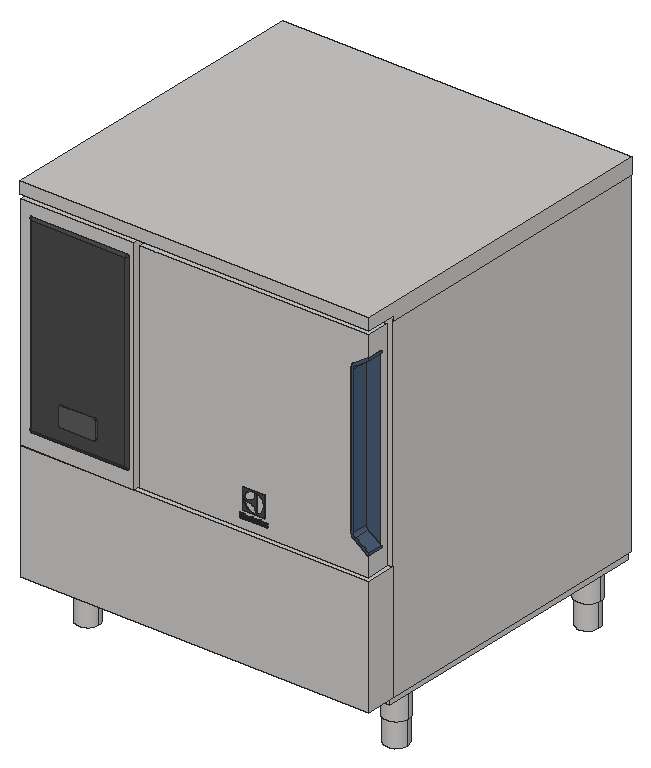
Revit family "QF_ELECTROLUXPROFESSIONAL_725583_EBFA61THE", category Specialty Equipment, Revit 2023
Family settings
  Round Connector Dimension = Use Diameter
  Part Type = Normal
  Work Plane-Based = No
  Enable Cutting in Views = No
  Always vertical = Yes
  Cut with Voids When Loaded = No
  Maintain Annotation Orientation = No
  Shared = No
  Room Calculation Point = No
Parameters
  Weight = 0.00 kg
  Watts = 0 W
  Volts = 380 V
  URL Manufacturer = "http://professional.electrolux.com"
  URL = "http://professional.electrolux.com"
  Steam Supply Size = 0 mm
  Steam Supply Minimum Pressure = 0.0 Pa
  Steam Supply Maximum Pressure = 0.0 Pa
  Steam Pounds per Hour = 0
  Show Logo [instance] = yes
  Show Clearance [instance] = yes
  Refrigeration Suction Line Size = 0 mm
  Refrigeration Liquid Line Size = 0 mm
  Refrigerant Compressor Remote = yes
  Manufacturer = "Electrolux"
  Phase = 3
  Model = "EBFA61THE"
  Length Actual = 897 mm  # constant formula
  Item Number = "725583"
  Hot Water Size = 0 mm
  Height Actual = 1060 mm  # constant formula
  HP = "3.6 HP"
  Gas Size = 0 mm
  Gas KW = 0
  Gas Input Pressure = 0 W
  Direct Waste Size = 139.7 mm
  Description = "SKYLINE CHILLS BLAST CHILLER FREEZER 30/30KG 6 GN 1/1 - WITH TOP - LEFT HINDGED DOOR"
  Depth Actual = 937 mm  # constant formula
  Default Elevation = 0 mm
  Cycle = 50 Hz
  Condensate Return Size = 0 mm
  Compressed Air Volume = 0.0 L/s
  Compressed Air Size = 0 mm
  Compressed Air Pressure = 0.0 Pa
  Cold Water Size = 0 mm
  Accessory = yes
Reference planes
  plane 1 "Center X": y = 126.851
  plane 2: z = 0
  plane 3 "Center Y": x = -311.5
  plane 4 "LEFT": x = -760
  plane 5 "BACK": y = 548.851
  plane 6 "RIGHT": x = 137
  plane 7 "FRONT": y = -295.149
  plane 8: z = 130
  plane 9 "TOP": z = 1060.038
  plane 10: x = -708
  plane 11: y = 473.851
  plane 12: x = 85
  plane 13: y = -142.149
  plane 14: z = 1020.038
  plane 15: y = 641.851
  plane 16: y = -847.149
Forms (mm)
  Extrusion 1, solid, material "QF_Finishes_Stainless Steel"
    sketch origin (0, 0, 1060.038) x (-1, 0, 0) y (0, -1, 0)
      loop
        line (759, -548.851) -> (759, 216.149) -> (-136, 216.149) -> (-136, -548.851) -> (759, -548.851)
    from -40 to -910.018
  Extrusion 2, void
    sketch origin (-759, -216.149, 1060.038) x (-1, 0, 0) y (0, 0, 1)
      loop
        line (-370.8, -100) -> (-826.8, -100) -> (-826.8, -491.98) -> (-370.8, -491.98) -> (-370.8, -100)
    from 0 to 703
  Extrusion 3, solid, material "QF_Finishes_Stainless Steel"
    sketch origin (-760, -0.954, 0) x (0, 1, 0) y (0, 0, 1)
      loop
        line (549.805, 694.306) -> (549.805, 392.314) -> (635.5, 399.789)
        arc (635.5, 399.789) -> (640.702, 402.354) -> (642.805, 407.759) r 8
        line (642.805, 407.759) -> (642.805, 433.233)
        arc (642.805, 433.233) -> (638.783, 442.547) -> (642.805, 451.86) r 12.795
        line (642.805, 451.86) -> (642.805, 483.24)
        arc (642.805, 483.24) -> (638.783, 492.554) -> (642.805, 501.867) r 12.795
        line (642.805, 501.867) -> (642.805, 533.247)
        arc (642.805, 533.247) -> (638.783, 542.56) -> (642.805, 551.874) r 12.795
        line (642.805, 551.874) -> (642.805, 583.254)
        arc (642.805, 583.254) -> (638.783, 592.567) -> (642.805, 601.881) r 12.795
        line (642.805, 601.881) -> (642.805, 634.796)
        arc (642.805, 634.796) -> (641.466, 639.795) -> (637.808, 643.455) r 10
        line (637.808, 643.455) -> (549.805, 694.306)
    from 123.244 to 306.92
  Extrusion 4, solid, material "QF_Finishes_Stainless Steel"
    sketch origin (-817.599, 548.851, 1060.038) x (1, 0, 0) y (0, 0, -1)
      loop
        circle (121.599, 802.038) r 10.5
    from 0 to 29
  Extrusion 5, solid, material "QF_Finishes_Stainless Steel"
    sketch origin (0, 0, 1060.038) x (-1, 0, 0) y (0, -1, 0)
      loop
        line (759, 295.149) -> (467.2, 295.149) -> (467.2, 217.149) -> (759, 217.149) -> (759, 295.149)
    from -40 to -607
  Extrusion 6, solid, material "QF_Finishes_Stainless Steel"
    sketch origin (-1206.916, -1524, 130) x (-1, 0, 0) y (0, -1, 0)
      loop
        line (-447.916, -1228.851) -> (-1342.916, -1228.851) -> (-1342.916, -1306.851) -> (-447.916, -1306.851) -> (-447.916, -1228.851)
    from 322 to 20.02
  Extrusion 7, solid, material "QF_Finishes_Stainless Steel"
    sketch origin (-311.5, 0, 0) x (0, 1, 0) y (0, 0, 1)
      loop
        line (548.851, 1060.038) -> (-295.149, 1060.038) -> (-295.149, 1030.034) -> (-216.149, 1030.034) -> (-216.149, 1020.038) -> (548.851, 1020.038) -> (548.851, 1060.038)
    from -448.5 to 448.5
  Extrusion 8, solid, material "QF_Finishes_Stainless Steel"
    sketch origin (0, 0, 1060.038) x (-1, 0, 0) y (0, -1, 0)
      loop
        line (748.993, -548.851) -> (748.993, 214.216) -> (-125.993, 214.216) -> (-125.993, -548.851) -> (748.993, -548.851)
    from -910.018 to -930.038
  Extrusion 9, solid, material "QF_Finishes_Stainless Steel"
    sketch origin (0, 0, 130) x (0, -1, 0) y (-1, 0, 0)
      loop
        circle (-215.851, 360) r 9.5
    from 0 to 31.68
  Extrusion 10, void
    sketch origin (0, 0, 1060.038) x (-1, 0, 0) y (0, -1, 0)
      loop
        line (627.033, -641.851) -> (636.756, -641.851) -> (636.756, -548.851) -> (635.125, -548.851) -> (627.033, -641.851)
      loop
        line (454.711, -548.851) -> (453.08, -548.851) -> (453.08, -641.851) -> (462.803, -641.851) -> (454.711, -548.851)
    from -673 to -363
  Extrusion 11, solid, material "QF_Finishes_Stainless Steel"
    sketch origin (-315.205, -295.149, 0) x (1, 0, 0) y (0, 0, -1)
      loop
        line (451.2, -1020.033) -> (451.2, -968.898) -> (414.947, -944.816)
        arc (414.947, -944.816) -> (408.716, -937.969) -> (406.46, -928.989) r 19
        line (406.46, -928.989) -> (406.46, -554.076)
        arc (406.46, -554.076) -> (408.839, -544.616) -> (415.41, -537.406) r 20
        line (415.41, -537.406) -> (451.2, -513.683) -> (451.2, -462.497) -> (-135.995, -462.497) -> (-135.995, -1020.033) -> (451.2, -1020.033)
    from 0 to 60
  Extrusion 12, solid, material "QF_Finishes_Stainless Steel"
    sketch origin (-315.205, -235.149, 0) x (1, 0, 0) y (0, 0, -1)
      loop
        line (406.46, -554.076) -> (406.46, -928.989)
        arc (406.46, -928.989) -> (408.716, -937.969) -> (414.947, -944.816) r 19
        line (414.947, -944.816) -> (451.2, -968.898) -> (451.2, -513.683) -> (415.41, -537.406)
        arc (415.41, -537.406) -> (408.839, -544.616) -> (406.46, -554.076) r 20
    from -21 to 0
  Extrusion 13, solid, material "QF_Finishes_Electrolux_Blue"
    sketch origin (-315.205, -295.149, 0) x (-1, 0, 0) y (0, 0, -1)
      loop
        line (-451.2, -968.898) -> (-414.947, -944.816)
        arc (-414.947, -944.816) -> (-408.716, -937.969) -> (-406.46, -928.989) r 19
        line (-406.46, -928.989) -> (-406.46, -554.076)
        arc (-406.46, -554.076) -> (-408.839, -544.616) -> (-415.41, -537.406) r 20
        line (-415.41, -537.406) -> (-451.2, -513.683) -> (-453.7, -513.683) -> (-453.7, -519.824) -> (-419.001, -542.824)
        arc (-419.001, -542.824) -> (-414.566, -547.691) -> (-412.96, -554.076) r 13.5
        line (-412.96, -554.076) -> (-412.96, -928.989)
        arc (-412.96, -928.989) -> (-414.444, -934.897) -> (-418.543, -939.401) r 12.5
        line (-418.543, -939.401) -> (-453.7, -962.755) -> (-453.7, -968.898) -> (-451.2, -968.898)
    from -39 to 1
  Extrusion 14, solid, material "QF_Door-Drawer Clearances", visible <- "Show Clearance", detail levels coarse
    sketch origin (-458.205, -393.449, 0) x (0, -1, 0) y (0, 0, -1)
      loop
        line (451.2, -1020.033) -> (451.2, -968.898) -> (414.947, -944.816)
        arc (414.947, -944.816) -> (408.716, -937.969) -> (406.46, -928.989) r 19
        line (406.46, -928.989) -> (406.46, -554.076)
        arc (406.46, -554.076) -> (408.839, -544.616) -> (415.41, -537.406) r 20
        line (415.41, -537.406) -> (451.2, -513.683) -> (451.2, -462.497) -> (-98.3, -462.497) -> (-98.3, -1020.033) -> (451.2, -1020.033)
    from 0 to 60
  Extrusion 15, solid, material "QF_Door-Drawer Clearances", visible <- "Show Clearance", detail levels coarse
    sketch origin (-398.205, -393.449, 0) x (0, -1, 0) y (0, 0, -1)
      loop
        line (406.46, -554.076) -> (406.46, -928.989)
        arc (406.46, -928.989) -> (408.716, -937.969) -> (414.947, -944.816) r 19
        line (414.947, -944.816) -> (451.2, -968.898) -> (451.2, -513.683) -> (415.41, -537.406)
        arc (415.41, -537.406) -> (408.839, -544.616) -> (406.46, -554.076) r 20
    from -21 to 0
  Extrusion 16, solid, material "QF_Door-Drawer Clearances", visible <- "Show Clearance", detail levels coarse
    sketch origin (-458.205, -393.449, 0) x (0, 1, 0) y (0, 0, -1)
      loop
        line (-451.2, -968.898) -> (-414.947, -944.816)
        arc (-414.947, -944.816) -> (-408.716, -937.969) -> (-406.46, -928.989) r 19
        line (-406.46, -928.989) -> (-406.46, -554.076)
        arc (-406.46, -554.076) -> (-408.839, -544.616) -> (-415.41, -537.406) r 20
        line (-415.41, -537.406) -> (-451.2, -513.683) -> (-453.7, -513.683) -> (-453.7, -519.824) -> (-419.001, -542.824)
        arc (-419.001, -542.824) -> (-414.566, -547.691) -> (-412.96, -554.076) r 13.5
        line (-412.96, -554.076) -> (-412.96, -928.989)
        arc (-412.96, -928.989) -> (-414.444, -934.897) -> (-418.543, -939.401) r 12.5
        line (-418.543, -939.401) -> (-453.7, -962.755) -> (-453.7, -968.898) -> (-451.2, -968.898)
    from -39 to 1
  Extrusion 17, solid, material "QF_Door-Drawer Clearances", visible <- "Show Clearance", detail levels coarse
    sketch origin (-315.205, 0, 1060.038) x (1, 0, 0) y (0, 1, 0)
      loop
        line (-83, -295.149) -> (-83, -844.649)
        arc (-83, -844.649) -> (290.883, -673.709) -> (451.2, -295.149) r 567.425
        line (451.2, -295.149) -> (-83, -295.149)
    from -597.541 to -40
Cuts and joins
  Extrusion 2 cuts Extrusion 1
  Extrusion 10 cuts Extrusion 3
  joined: Extrusion 1, Extrusion 3, Extrusion 4, Extrusion 7, Extrusion 8, Extrusion 9
  joined: Extrusion 11, Extrusion 12
  joined: Extrusion 14, Extrusion 15, Extrusion 16, Extrusion 17
Lines and regions (mm)
  Split face 1
    outline origin (-489, -295.149, 130) x (-1, 0, 0) y (0, 0, -1)
      loop
        line (-132.388, -290.639) -> (-22.373, -290.639) -> (-22.373, -285.612) -> (-132.388, -285.612) -> (-132.388, -290.639)
  Split face 2
    outline origin (-489, -295.149, 120.528) x (-1, 0, 0) y (0, 0, -1)
      loop
        line (-132.388, -290.639) -> (-22.373, -290.639) -> (-22.373, -285.612) -> (-132.388, -285.612) -> (-132.388, -290.639)
  Split face 3
    outline origin (-489, -295.149, 111.056) x (-1, 0, 0) y (0, 0, -1)
      loop
        line (-132.388, -290.639) -> (-22.373, -290.639) -> (-22.373, -285.612) -> (-132.388, -285.612) -> (-132.388, -290.639)
  Split face 4
    outline origin (-489, -295.149, 101.583) x (-1, 0, 0) y (0, 0, -1)
      loop
        line (-132.388, -290.639) -> (-22.373, -290.639) -> (-22.373, -285.612) -> (-132.388, -285.612) -> (-132.388, -290.639)
  Split face 5
    outline origin (-489, -295.149, 92.111) x (-1, 0, 0) y (0, 0, -1)
      loop
        line (-132.388, -290.639) -> (-22.373, -290.639) -> (-22.373, -285.612) -> (-132.388, -285.612) -> (-132.388, -290.639)
  Split face 6
    outline origin (-489, -295.149, 82.639) x (-1, 0, 0) y (0, 0, -1)
      loop
        line (-132.388, -290.639) -> (-22.373, -290.639) -> (-22.373, -285.612) -> (-132.388, -285.612) -> (-132.388, -290.639)
  Split face 7
    outline origin (-489, -295.149, 73.167) x (-1, 0, 0) y (0, 0, -1)
      loop
        line (-132.388, -290.639) -> (-22.373, -290.639) -> (-22.373, -285.612) -> (-132.388, -285.612) -> (-132.388, -290.639)
  Split face 8
    outline origin (-489, -295.149, 63.695) x (-1, 0, 0) y (0, 0, -1)
      loop
        line (-132.388, -290.639) -> (-22.373, -290.639) -> (-22.373, -285.612) -> (-132.388, -285.612) -> (-132.388, -290.639)
  Split face 9
    outline origin (-489, -295.149, 54.223) x (-1, 0, 0) y (0, 0, -1)
      loop
        line (-132.388, -290.639) -> (-22.373, -290.639) -> (-22.373, -285.612) -> (-132.388, -285.612) -> (-132.388, -290.639)
  Split face 10
    outline origin (-489, -295.149, 44.75) x (-1, 0, 0) y (0, 0, -1)
      loop
        line (-132.388, -290.639) -> (-22.373, -290.639) -> (-22.373, -285.612) -> (-132.388, -285.612) -> (-132.388, -290.639)
  Split face 11
    outline origin (-489, -295.149, 35.278) x (-1, 0, 0) y (0, 0, -1)
      loop
        line (-132.388, -290.639) -> (-22.373, -290.639) -> (-22.373, -285.612) -> (-132.388, -285.612) -> (-132.388, -290.639)
  Split face 12
    outline origin (-489, -295.149, 25.806) x (-1, 0, 0) y (0, 0, -1)
      loop
        line (-132.388, -290.639) -> (-22.373, -290.639) -> (-22.373, -285.612) -> (-132.388, -285.612) -> (-132.388, -290.639)
  Split face 13
    outline origin (-489, -295.149, 16.334) x (-1, 0, 0) y (0, 0, -1)
      loop
        line (-132.388, -290.639) -> (-22.373, -290.639) -> (-22.373, -285.612) -> (-132.388, -285.612) -> (-132.388, -290.639)
  Split face 14
    outline origin (-489, -295.149, 6.862) x (-1, 0, 0) y (0, 0, -1)
      loop
        line (-132.388, -290.639) -> (-22.373, -290.639) -> (-22.373, -285.612) -> (-132.388, -285.612) -> (-132.388, -290.639)
  Split face 15
    outline origin (-489, -295.149, -2.611) x (-1, 0, 0) y (0, 0, -1)
      loop
        line (-132.388, -290.639) -> (-22.373, -290.639) -> (-22.373, -285.612) -> (-132.388, -285.612) -> (-132.388, -290.639)
  Split face 16
    outline origin (-489, -295.149, -12.083) x (-1, 0, 0) y (0, 0, -1)
      loop
        line (-132.388, -290.639) -> (-22.373, -290.639) -> (-22.373, -285.612) -> (-132.388, -285.612) -> (-132.388, -290.639)
  Split face 17
    outline origin (-489, -295.149, -21.555) x (-1, 0, 0) y (0, 0, -1)
      loop
        line (-132.388, -290.639) -> (-22.373, -290.639) -> (-22.373, -285.612) -> (-132.388, -285.612) -> (-132.388, -290.639)
  Split face 18
    outline origin (-489, -295.149, -31.027) x (-1, 0, 0) y (0, 0, -1)
      loop
        line (-132.388, -290.639) -> (-22.373, -290.639) -> (-22.373, -285.612) -> (-132.388, -285.612) -> (-132.388, -290.639)
  Split face 19
    outline origin (-489, -295.149, -40.499) x (-1, 0, 0) y (0, 0, -1)
      loop
        line (-132.388, -290.639) -> (-22.373, -290.639) -> (-22.373, -285.612) -> (-132.388, -285.612) -> (-132.388, -290.639)
  Split face 20
    outline origin (-489, -295.149, -49.972) x (-1, 0, 0) y (0, 0, -1)
      loop
        line (-132.388, -290.639) -> (-22.373, -290.639) -> (-22.373, -285.612) -> (-132.388, -285.612) -> (-132.388, -290.639)
  Split face 21
    outline origin (-489, -295.149, -59.444) x (-1, 0, 0) y (0, 0, -1)
      loop
        line (-132.388, -290.639) -> (-22.373, -290.639) -> (-22.373, -285.612) -> (-132.388, -285.612) -> (-132.388, -290.639)
  Split face 22
    outline origin (-489, -295.149, -68.916) x (-1, 0, 0) y (0, 0, -1)
      loop
        line (-132.388, -290.639) -> (-22.373, -290.639) -> (-22.373, -285.612) -> (-132.388, -285.612) -> (-132.388, -290.639)
  Split face 23
    outline origin (-489, -295.149, -78.388) x (-1, 0, 0) y (0, 0, -1)
      loop
        line (-132.388, -290.639) -> (-22.373, -290.639) -> (-22.373, -285.612) -> (-132.388, -285.612) -> (-132.388, -290.639)
  Split face 24
    outline origin (-489, -295.149, -87.86) x (-1, 0, 0) y (0, 0, -1)
      loop
        line (-132.388, -290.639) -> (-22.373, -290.639) -> (-22.373, -285.612) -> (-132.388, -285.612) -> (-132.388, -290.639)
  Split face 25
    outline origin (-489, -295.149, -97.332) x (-1, 0, 0) y (0, 0, -1)
      loop
        line (-132.388, -290.639) -> (-22.373, -290.639) -> (-22.373, -285.612) -> (-132.388, -285.612) -> (-132.388, -290.639)
  Split face 26
    outline origin (-489, -295.149, -106.805) x (-1, 0, 0) y (0, 0, -1)
      loop
        line (-132.388, -290.639) -> (-22.373, -290.639) -> (-22.373, -285.612) -> (-132.388, -285.612) -> (-132.388, -290.639)
  Split face 27
    outline origin (-373.984, -295.149, 130) x (-1, 0, 0) y (0, 0, -1)
      loop
        line (-132.388, -290.639) -> (-22.373, -290.639) -> (-22.373, -285.612) -> (-132.388, -285.612) -> (-132.388, -290.639)
  Split face 28
    outline origin (-373.984, -295.149, 120.528) x (-1, 0, 0) y (0, 0, -1)
      loop
        line (-132.388, -290.639) -> (-22.373, -290.639) -> (-22.373, -285.612) -> (-132.388, -285.612) -> (-132.388, -290.639)
  Split face 29
    outline origin (-373.984, -295.149, 111.056) x (-1, 0, 0) y (0, 0, -1)
      loop
        line (-132.388, -290.639) -> (-22.373, -290.639) -> (-22.373, -285.612) -> (-132.388, -285.612) -> (-132.388, -290.639)
  Split face 30
    outline origin (-373.984, -295.149, 101.583) x (-1, 0, 0) y (0, 0, -1)
      loop
        line (-132.388, -290.639) -> (-22.373, -290.639) -> (-22.373, -285.612) -> (-132.388, -285.612) -> (-132.388, -290.639)
  Split face 31
    outline origin (-373.984, -295.149, 92.111) x (-1, 0, 0) y (0, 0, -1)
      loop
        line (-132.388, -290.639) -> (-22.373, -290.639) -> (-22.373, -285.612) -> (-132.388, -285.612) -> (-132.388, -290.639)
  Split face 32
    outline origin (-373.984, -295.149, 82.639) x (-1, 0, 0) y (0, 0, -1)
      loop
        line (-132.388, -290.639) -> (-22.373, -290.639) -> (-22.373, -285.612) -> (-132.388, -285.612) -> (-132.388, -290.639)
  Split face 33
    outline origin (-373.984, -295.149, 73.167) x (-1, 0, 0) y (0, 0, -1)
      loop
        line (-132.388, -290.639) -> (-22.373, -290.639) -> (-22.373, -285.612) -> (-132.388, -285.612) -> (-132.388, -290.639)
  Split face 34
    outline origin (-373.984, -295.149, 63.695) x (-1, 0, 0) y (0, 0, -1)
      loop
        line (-132.388, -290.639) -> (-22.373, -290.639) -> (-22.373, -285.612) -> (-132.388, -285.612) -> (-132.388, -290.639)
  Split face 35
    outline origin (-373.984, -295.149, 54.223) x (-1, 0, 0) y (0, 0, -1)
      loop
        line (-132.388, -290.639) -> (-22.373, -290.639) -> (-22.373, -285.612) -> (-132.388, -285.612) -> (-132.388, -290.639)
  Split face 36
    outline origin (-373.984, -295.149, 44.75) x (-1, 0, 0) y (0, 0, -1)
      loop
        line (-132.388, -290.639) -> (-22.373, -290.639) -> (-22.373, -285.612) -> (-132.388, -285.612) -> (-132.388, -290.639)
  Split face 37
    outline origin (-373.984, -295.149, 35.278) x (-1, 0, 0) y (0, 0, -1)
      loop
        line (-132.388, -290.639) -> (-22.373, -290.639) -> (-22.373, -285.612) -> (-132.388, -285.612) -> (-132.388, -290.639)
  Split face 38
    outline origin (-373.984, -295.149, 25.806) x (-1, 0, 0) y (0, 0, -1)
      loop
        line (-132.388, -290.639) -> (-22.373, -290.639) -> (-22.373, -285.612) -> (-132.388, -285.612) -> (-132.388, -290.639)
  Split face 39
    outline origin (-373.984, -295.149, 16.334) x (-1, 0, 0) y (0, 0, -1)
      loop
        line (-132.388, -290.639) -> (-22.373, -290.639) -> (-22.373, -285.612) -> (-132.388, -285.612) -> (-132.388, -290.639)
  Split face 40
    outline origin (-373.984, -295.149, 6.862) x (-1, 0, 0) y (0, 0, -1)
      loop
        line (-132.388, -290.639) -> (-22.373, -290.639) -> (-22.373, -285.612) -> (-132.388, -285.612) -> (-132.388, -290.639)
  Split face 41
    outline origin (-373.984, -295.149, -2.611) x (-1, 0, 0) y (0, 0, -1)
      loop
        line (-132.388, -290.639) -> (-22.373, -290.639) -> (-22.373, -285.612) -> (-132.388, -285.612) -> (-132.388, -290.639)
  Split face 42
    outline origin (-373.984, -295.149, -12.083) x (-1, 0, 0) y (0, 0, -1)
      loop
        line (-132.388, -290.639) -> (-22.373, -290.639) -> (-22.373, -285.612) -> (-132.388, -285.612) -> (-132.388, -290.639)
  Split face 43
    outline origin (-373.984, -295.149, -21.555) x (-1, 0, 0) y (0, 0, -1)
      loop
        line (-132.388, -290.639) -> (-22.373, -290.639) -> (-22.373, -285.612) -> (-132.388, -285.612) -> (-132.388, -290.639)
  Split face 44
    outline origin (-373.984, -295.149, -31.027) x (-1, 0, 0) y (0, 0, -1)
      loop
        line (-132.388, -290.639) -> (-22.373, -290.639) -> (-22.373, -285.612) -> (-132.388, -285.612) -> (-132.388, -290.639)
  Split face 45
    outline origin (-373.984, -295.149, -40.499) x (-1, 0, 0) y (0, 0, -1)
      loop
        line (-132.388, -290.639) -> (-22.373, -290.639) -> (-22.373, -285.612) -> (-132.388, -285.612) -> (-132.388, -290.639)
  Split face 46
    outline origin (-373.984, -295.149, -49.972) x (-1, 0, 0) y (0, 0, -1)
      loop
        line (-132.388, -290.639) -> (-22.373, -290.639) -> (-22.373, -285.612) -> (-132.388, -285.612) -> (-132.388, -290.639)
  Split face 47
    outline origin (-373.984, -295.149, -59.444) x (-1, 0, 0) y (0, 0, -1)
      loop
        line (-132.388, -290.639) -> (-22.373, -290.639) -> (-22.373, -285.612) -> (-132.388, -285.612) -> (-132.388, -290.639)
  Split face 48
    outline origin (-373.984, -295.149, -68.916) x (-1, 0, 0) y (0, 0, -1)
      loop
        line (-132.388, -290.639) -> (-22.373, -290.639) -> (-22.373, -285.612) -> (-132.388, -285.612) -> (-132.388, -290.639)
  Split face 49
    outline origin (-373.984, -295.149, -78.388) x (-1, 0, 0) y (0, 0, -1)
      loop
        line (-132.388, -290.639) -> (-22.373, -290.639) -> (-22.373, -285.612) -> (-132.388, -285.612) -> (-132.388, -290.639)
  Split face 50
    outline origin (-373.984, -295.149, -87.86) x (-1, 0, 0) y (0, 0, -1)
      loop
        line (-132.388, -290.639) -> (-22.373, -290.639) -> (-22.373, -285.612) -> (-132.388, -285.612) -> (-132.388, -290.639)
  Split face 51
    outline origin (-373.984, -295.149, -97.332) x (-1, 0, 0) y (0, 0, -1)
      loop
        line (-132.388, -290.639) -> (-22.373, -290.639) -> (-22.373, -285.612) -> (-132.388, -285.612) -> (-132.388, -290.639)
  Split face 52
    outline origin (-373.984, -295.149, -106.805) x (-1, 0, 0) y (0, 0, -1)
      loop
        line (-132.388, -290.639) -> (-22.373, -290.639) -> (-22.373, -285.612) -> (-132.388, -285.612) -> (-132.388, -290.639)
  Split face 53
    outline origin (-258.969, -295.149, 130) x (-1, 0, 0) y (0, 0, -1)
      loop
        line (-132.388, -290.639) -> (-22.373, -290.639) -> (-22.373, -285.612) -> (-132.388, -285.612) -> (-132.388, -290.639)
  Split face 54
    outline origin (-258.969, -295.149, 120.528) x (-1, 0, 0) y (0, 0, -1)
      loop
        line (-132.388, -290.639) -> (-22.373, -290.639) -> (-22.373, -285.612) -> (-132.388, -285.612) -> (-132.388, -290.639)
  Split face 55
    outline origin (-258.969, -295.149, 111.056) x (-1, 0, 0) y (0, 0, -1)
      loop
        line (-132.388, -290.639) -> (-22.373, -290.639) -> (-22.373, -285.612) -> (-132.388, -285.612) -> (-132.388, -290.639)
  Split face 56
    outline origin (-258.969, -295.149, 101.583) x (-1, 0, 0) y (0, 0, -1)
      loop
        line (-132.388, -290.639) -> (-22.373, -290.639) -> (-22.373, -285.612) -> (-132.388, -285.612) -> (-132.388, -290.639)
  Split face 57
    outline origin (-258.969, -295.149, 92.111) x (-1, 0, 0) y (0, 0, -1)
      loop
        line (-132.388, -290.639) -> (-22.373, -290.639) -> (-22.373, -285.612) -> (-132.388, -285.612) -> (-132.388, -290.639)
  Split face 58
    outline origin (-258.969, -295.149, 82.639) x (-1, 0, 0) y (0, 0, -1)
      loop
        line (-132.388, -290.639) -> (-22.373, -290.639) -> (-22.373, -285.612) -> (-132.388, -285.612) -> (-132.388, -290.639)
  Split face 59
    outline origin (-258.969, -295.149, 73.167) x (-1, 0, 0) y (0, 0, -1)
      loop
        line (-132.388, -290.639) -> (-22.373, -290.639) -> (-22.373, -285.612) -> (-132.388, -285.612) -> (-132.388, -290.639)
  Split face 60
    outline origin (-258.969, -295.149, 63.695) x (-1, 0, 0) y (0, 0, -1)
      loop
        line (-132.388, -290.639) -> (-22.373, -290.639) -> (-22.373, -285.612) -> (-132.388, -285.612) -> (-132.388, -290.639)
  Split face 61
    outline origin (-258.969, -295.149, 54.223) x (-1, 0, 0) y (0, 0, -1)
      loop
        line (-132.388, -290.639) -> (-22.373, -290.639) -> (-22.373, -285.612) -> (-132.388, -285.612) -> (-132.388, -290.639)
  Split face 62
    outline origin (-258.969, -295.149, 44.75) x (-1, 0, 0) y (0, 0, -1)
      loop
        line (-132.388, -290.639) -> (-22.373, -290.639) -> (-22.373, -285.612) -> (-132.388, -285.612) -> (-132.388, -290.639)
  Split face 63
    outline origin (-258.969, -295.149, 35.278) x (-1, 0, 0) y (0, 0, -1)
      loop
        line (-132.388, -290.639) -> (-22.373, -290.639) -> (-22.373, -285.612) -> (-132.388, -285.612) -> (-132.388, -290.639)
  Split face 64
    outline origin (-258.969, -295.149, 25.806) x (-1, 0, 0) y (0, 0, -1)
      loop
        line (-132.388, -290.639) -> (-22.373, -290.639) -> (-22.373, -285.612) -> (-132.388, -285.612) -> (-132.388, -290.639)
  Split face 65
    outline origin (-258.969, -295.149, 16.334) x (-1, 0, 0) y (0, 0, -1)
      loop
        line (-132.388, -290.639) -> (-22.373, -290.639) -> (-22.373, -285.612) -> (-132.388, -285.612) -> (-132.388, -290.639)
  Split face 66
    outline origin (-258.969, -295.149, 6.862) x (-1, 0, 0) y (0, 0, -1)
      loop
        line (-132.388, -290.639) -> (-22.373, -290.639) -> (-22.373, -285.612) -> (-132.388, -285.612) -> (-132.388, -290.639)
  Split face 67
    outline origin (-258.969, -295.149, -2.611) x (-1, 0, 0) y (0, 0, -1)
      loop
        line (-132.388, -290.639) -> (-22.373, -290.639) -> (-22.373, -285.612) -> (-132.388, -285.612) -> (-132.388, -290.639)
  Split face 68
    outline origin (-258.969, -295.149, -12.083) x (-1, 0, 0) y (0, 0, -1)
      loop
        line (-132.388, -290.639) -> (-22.373, -290.639) -> (-22.373, -285.612) -> (-132.388, -285.612) -> (-132.388, -290.639)
  Split face 69
    outline origin (-258.969, -295.149, -21.555) x (-1, 0, 0) y (0, 0, -1)
      loop
        line (-132.388, -290.639) -> (-22.373, -290.639) -> (-22.373, -285.612) -> (-132.388, -285.612) -> (-132.388, -290.639)
  Split face 70
    outline origin (-258.969, -295.149, -31.027) x (-1, 0, 0) y (0, 0, -1)
      loop
        line (-132.388, -290.639) -> (-22.373, -290.639) -> (-22.373, -285.612) -> (-132.388, -285.612) -> (-132.388, -290.639)
  Split face 71
    outline origin (-258.969, -295.149, -40.499) x (-1, 0, 0) y (0, 0, -1)
      loop
        line (-132.388, -290.639) -> (-22.373, -290.639) -> (-22.373, -285.612) -> (-132.388, -285.612) -> (-132.388, -290.639)
  Split face 72
    outline origin (-258.969, -295.149, -49.972) x (-1, 0, 0) y (0, 0, -1)
      loop
        line (-132.388, -290.639) -> (-22.373, -290.639) -> (-22.373, -285.612) -> (-132.388, -285.612) -> (-132.388, -290.639)
  Split face 73
    outline origin (-258.969, -295.149, -59.444) x (-1, 0, 0) y (0, 0, -1)
      loop
        line (-132.388, -290.639) -> (-22.373, -290.639) -> (-22.373, -285.612) -> (-132.388, -285.612) -> (-132.388, -290.639)
  Split face 74
    outline origin (-258.969, -295.149, -68.916) x (-1, 0, 0) y (0, 0, -1)
      loop
        line (-132.388, -290.639) -> (-22.373, -290.639) -> (-22.373, -285.612) -> (-132.388, -285.612) -> (-132.388, -290.639)
  Split face 75
    outline origin (-258.969, -295.149, -78.388) x (-1, 0, 0) y (0, 0, -1)
      loop
        line (-132.388, -290.639) -> (-22.373, -290.639) -> (-22.373, -285.612) -> (-132.388, -285.612) -> (-132.388, -290.639)
  Split face 76
    outline origin (-258.969, -295.149, -87.86) x (-1, 0, 0) y (0, 0, -1)
      loop
        line (-132.388, -290.639) -> (-22.373, -290.639) -> (-22.373, -285.612) -> (-132.388, -285.612) -> (-132.388, -290.639)
  Split face 77
    outline origin (-258.969, -295.149, -97.332) x (-1, 0, 0) y (0, 0, -1)
      loop
        line (-132.388, -290.639) -> (-22.373, -290.639) -> (-22.373, -285.612) -> (-132.388, -285.612) -> (-132.388, -290.639)
  Split face 78
    outline origin (-258.969, -295.149, -106.805) x (-1, 0, 0) y (0, 0, -1)
      loop
        line (-132.388, -290.639) -> (-22.373, -290.639) -> (-22.373, -285.612) -> (-132.388, -285.612) -> (-132.388, -290.639)
  Split face 79
    outline origin (-143.953, -295.149, 130) x (-1, 0, 0) y (0, 0, -1)
      loop
        line (-132.388, -290.639) -> (-22.373, -290.639) -> (-22.373, -285.612) -> (-132.388, -285.612) -> (-132.388, -290.639)
  Split face 80
    outline origin (-143.953, -295.149, 120.528) x (-1, 0, 0) y (0, 0, -1)
      loop
        line (-132.388, -290.639) -> (-22.373, -290.639) -> (-22.373, -285.612) -> (-132.388, -285.612) -> (-132.388, -290.639)
  Split face 81
    outline origin (-143.953, -295.149, 111.056) x (-1, 0, 0) y (0, 0, -1)
      loop
        line (-132.388, -290.639) -> (-22.373, -290.639) -> (-22.373, -285.612) -> (-132.388, -285.612) -> (-132.388, -290.639)
  Split face 82
    outline origin (-143.953, -295.149, 101.583) x (-1, 0, 0) y (0, 0, -1)
      loop
        line (-132.388, -290.639) -> (-22.373, -290.639) -> (-22.373, -285.612) -> (-132.388, -285.612) -> (-132.388, -290.639)
  Split face 83
    outline origin (-143.953, -295.149, 92.111) x (-1, 0, 0) y (0, 0, -1)
      loop
        line (-132.388, -290.639) -> (-22.373, -290.639) -> (-22.373, -285.612) -> (-132.388, -285.612) -> (-132.388, -290.639)
  Split face 84
    outline origin (-143.953, -295.149, 82.639) x (-1, 0, 0) y (0, 0, -1)
      loop
        line (-132.388, -290.639) -> (-22.373, -290.639) -> (-22.373, -285.612) -> (-132.388, -285.612) -> (-132.388, -290.639)
  Split face 85
    outline origin (-143.953, -295.149, 73.167) x (-1, 0, 0) y (0, 0, -1)
      loop
        line (-132.388, -290.639) -> (-22.373, -290.639) -> (-22.373, -285.612) -> (-132.388, -285.612) -> (-132.388, -290.639)
  Split face 86
    outline origin (-143.953, -295.149, 63.695) x (-1, 0, 0) y (0, 0, -1)
      loop
        line (-132.388, -290.639) -> (-22.373, -290.639) -> (-22.373, -285.612) -> (-132.388, -285.612) -> (-132.388, -290.639)
  Split face 87
    outline origin (-143.953, -295.149, 54.223) x (-1, 0, 0) y (0, 0, -1)
      loop
        line (-132.388, -290.639) -> (-22.373, -290.639) -> (-22.373, -285.612) -> (-132.388, -285.612) -> (-132.388, -290.639)
  Split face 88
    outline origin (-143.953, -295.149, 44.75) x (-1, 0, 0) y (0, 0, -1)
      loop
        line (-132.388, -290.639) -> (-22.373, -290.639) -> (-22.373, -285.612) -> (-132.388, -285.612) -> (-132.388, -290.639)
  Split face 89
    outline origin (-143.953, -295.149, 35.278) x (-1, 0, 0) y (0, 0, -1)
      loop
        line (-132.388, -290.639) -> (-22.373, -290.639) -> (-22.373, -285.612) -> (-132.388, -285.612) -> (-132.388, -290.639)
  Split face 90
    outline origin (-143.953, -295.149, 25.806) x (-1, 0, 0) y (0, 0, -1)
      loop
        line (-132.388, -290.639) -> (-22.373, -290.639) -> (-22.373, -285.612) -> (-132.388, -285.612) -> (-132.388, -290.639)
  Split face 91
    outline origin (-143.953, -295.149, 16.334) x (-1, 0, 0) y (0, 0, -1)
      loop
        line (-132.388, -290.639) -> (-22.373, -290.639) -> (-22.373, -285.612) -> (-132.388, -285.612) -> (-132.388, -290.639)
  Split face 92
    outline origin (-143.953, -295.149, 6.862) x (-1, 0, 0) y (0, 0, -1)
      loop
        line (-132.388, -290.639) -> (-22.373, -290.639) -> (-22.373, -285.612) -> (-132.388, -285.612) -> (-132.388, -290.639)
  Split face 93
    outline origin (-143.953, -295.149, -2.611) x (-1, 0, 0) y (0, 0, -1)
      loop
        line (-132.388, -290.639) -> (-22.373, -290.639) -> (-22.373, -285.612) -> (-132.388, -285.612) -> (-132.388, -290.639)
  Split face 94
    outline origin (-143.953, -295.149, -12.083) x (-1, 0, 0) y (0, 0, -1)
      loop
        line (-132.388, -290.639) -> (-22.373, -290.639) -> (-22.373, -285.612) -> (-132.388, -285.612) -> (-132.388, -290.639)
  Split face 95
    outline origin (-143.953, -295.149, -21.555) x (-1, 0, 0) y (0, 0, -1)
      loop
        line (-132.388, -290.639) -> (-22.373, -290.639) -> (-22.373, -285.612) -> (-132.388, -285.612) -> (-132.388, -290.639)
  Split face 96
    outline origin (-143.953, -295.149, -31.027) x (-1, 0, 0) y (0, 0, -1)
      loop
        line (-132.388, -290.639) -> (-22.373, -290.639) -> (-22.373, -285.612) -> (-132.388, -285.612) -> (-132.388, -290.639)
  Split face 97
    outline origin (-143.953, -295.149, -40.499) x (-1, 0, 0) y (0, 0, -1)
      loop
        line (-132.388, -290.639) -> (-22.373, -290.639) -> (-22.373, -285.612) -> (-132.388, -285.612) -> (-132.388, -290.639)
  Split face 98
    outline origin (-143.953, -295.149, -49.972) x (-1, 0, 0) y (0, 0, -1)
      loop
        line (-132.388, -290.639) -> (-22.373, -290.639) -> (-22.373, -285.612) -> (-132.388, -285.612) -> (-132.388, -290.639)
  Split face 99
    outline origin (-143.953, -295.149, -59.444) x (-1, 0, 0) y (0, 0, -1)
      loop
        line (-132.388, -290.639) -> (-22.373, -290.639) -> (-22.373, -285.612) -> (-132.388, -285.612) -> (-132.388, -290.639)
  Split face 100
    outline origin (-143.953, -295.149, -68.916) x (-1, 0, 0) y (0, 0, -1)
      loop
        line (-132.388, -290.639) -> (-22.373, -290.639) -> (-22.373, -285.612) -> (-132.388, -285.612) -> (-132.388, -290.639)
  Split face 101
    outline origin (-143.953, -295.149, -78.388) x (-1, 0, 0) y (0, 0, -1)
      loop
        line (-132.388, -290.639) -> (-22.373, -290.639) -> (-22.373, -285.612) -> (-132.388, -285.612) -> (-132.388, -290.639)
  Split face 102
    outline origin (-143.953, -295.149, -87.86) x (-1, 0, 0) y (0, 0, -1)
      loop
        line (-132.388, -290.639) -> (-22.373, -290.639) -> (-22.373, -285.612) -> (-132.388, -285.612) -> (-132.388, -290.639)
  Split face 103
    outline origin (-143.953, -295.149, -97.332) x (-1, 0, 0) y (0, 0, -1)
      loop
        line (-132.388, -290.639) -> (-22.373, -290.639) -> (-22.373, -285.612) -> (-132.388, -285.612) -> (-132.388, -290.639)
  Split face 104
    outline origin (-143.953, -295.149, -106.805) x (-1, 0, 0) y (0, 0, -1)
      loop
        line (-132.388, -290.639) -> (-22.373, -290.639) -> (-22.373, -285.612) -> (-132.388, -285.612) -> (-132.388, -290.639)
  Split face 105
    outline origin (-28.938, -295.149, 130) x (-1, 0, 0) y (0, 0, -1)
      loop
        line (-132.388, -290.639) -> (-22.373, -290.639) -> (-22.373, -285.612) -> (-132.388, -285.612) -> (-132.388, -290.639)
  Split face 106
    outline origin (-28.938, -295.149, 120.528) x (-1, 0, 0) y (0, 0, -1)
      loop
        line (-132.388, -290.639) -> (-22.373, -290.639) -> (-22.373, -285.612) -> (-132.388, -285.612) -> (-132.388, -290.639)
  Split face 107
    outline origin (-28.938, -295.149, 111.056) x (-1, 0, 0) y (0, 0, -1)
      loop
        line (-132.388, -290.639) -> (-22.373, -290.639) -> (-22.373, -285.612) -> (-132.388, -285.612) -> (-132.388, -290.639)
  Split face 108
    outline origin (-28.938, -295.149, 101.583) x (-1, 0, 0) y (0, 0, -1)
      loop
        line (-132.388, -290.639) -> (-22.373, -290.639) -> (-22.373, -285.612) -> (-132.388, -285.612) -> (-132.388, -290.639)
  Split face 109
    outline origin (-28.938, -295.149, 92.111) x (-1, 0, 0) y (0, 0, -1)
      loop
        line (-132.388, -290.639) -> (-22.373, -290.639) -> (-22.373, -285.612) -> (-132.388, -285.612) -> (-132.388, -290.639)
  Split face 110
    outline origin (-28.938, -295.149, 82.639) x (-1, 0, 0) y (0, 0, -1)
      loop
        line (-132.388, -290.639) -> (-22.373, -290.639) -> (-22.373, -285.612) -> (-132.388, -285.612) -> (-132.388, -290.639)
  Split face 111
    outline origin (-28.938, -295.149, 73.167) x (-1, 0, 0) y (0, 0, -1)
      loop
        line (-132.388, -290.639) -> (-22.373, -290.639) -> (-22.373, -285.612) -> (-132.388, -285.612) -> (-132.388, -290.639)
  Split face 112
    outline origin (-28.938, -295.149, 63.695) x (-1, 0, 0) y (0, 0, -1)
      loop
        line (-132.388, -290.639) -> (-22.373, -290.639) -> (-22.373, -285.612) -> (-132.388, -285.612) -> (-132.388, -290.639)
  Split face 113
    outline origin (-28.938, -295.149, 54.223) x (-1, 0, 0) y (0, 0, -1)
      loop
        line (-132.388, -290.639) -> (-22.373, -290.639) -> (-22.373, -285.612) -> (-132.388, -285.612) -> (-132.388, -290.639)
  Split face 114
    outline origin (-28.938, -295.149, 44.75) x (-1, 0, 0) y (0, 0, -1)
      loop
        line (-132.388, -290.639) -> (-22.373, -290.639) -> (-22.373, -285.612) -> (-132.388, -285.612) -> (-132.388, -290.639)
  Split face 115
    outline origin (-28.938, -295.149, 35.278) x (-1, 0, 0) y (0, 0, -1)
      loop
        line (-132.388, -290.639) -> (-22.373, -290.639) -> (-22.373, -285.612) -> (-132.388, -285.612) -> (-132.388, -290.639)
  Split face 116
    outline origin (-28.938, -295.149, 25.806) x (-1, 0, 0) y (0, 0, -1)
      loop
        line (-132.388, -290.639) -> (-22.373, -290.639) -> (-22.373, -285.612) -> (-132.388, -285.612) -> (-132.388, -290.639)
  Split face 117
    outline origin (-28.938, -295.149, 16.334) x (-1, 0, 0) y (0, 0, -1)
      loop
        line (-132.388, -290.639) -> (-22.373, -290.639) -> (-22.373, -285.612) -> (-132.388, -285.612) -> (-132.388, -290.639)
  Split face 118
    outline origin (-28.938, -295.149, 6.862) x (-1, 0, 0) y (0, 0, -1)
      loop
        line (-132.388, -290.639) -> (-22.373, -290.639) -> (-22.373, -285.612) -> (-132.388, -285.612) -> (-132.388, -290.639)
  Split face 119
    outline origin (-28.938, -295.149, -2.611) x (-1, 0, 0) y (0, 0, -1)
      loop
        line (-132.388, -290.639) -> (-22.373, -290.639) -> (-22.373, -285.612) -> (-132.388, -285.612) -> (-132.388, -290.639)
  Split face 120
    outline origin (-28.938, -295.149, -12.083) x (-1, 0, 0) y (0, 0, -1)
      loop
        line (-132.388, -290.639) -> (-22.373, -290.639) -> (-22.373, -285.612) -> (-132.388, -285.612) -> (-132.388, -290.639)
  Split face 121
    outline origin (-28.938, -295.149, -21.555) x (-1, 0, 0) y (0, 0, -1)
      loop
        line (-132.388, -290.639) -> (-22.373, -290.639) -> (-22.373, -285.612) -> (-132.388, -285.612) -> (-132.388, -290.639)
  Split face 122
    outline origin (-28.938, -295.149, -31.027) x (-1, 0, 0) y (0, 0, -1)
      loop
        line (-132.388, -290.639) -> (-22.373, -290.639) -> (-22.373, -285.612) -> (-132.388, -285.612) -> (-132.388, -290.639)
  Split face 123
    outline origin (-28.938, -295.149, -40.499) x (-1, 0, 0) y (0, 0, -1)
      loop
        line (-132.388, -290.639) -> (-22.373, -290.639) -> (-22.373, -285.612) -> (-132.388, -285.612) -> (-132.388, -290.639)
  Split face 124
    outline origin (-28.938, -295.149, -49.972) x (-1, 0, 0) y (0, 0, -1)
      loop
        line (-132.388, -290.639) -> (-22.373, -290.639) -> (-22.373, -285.612) -> (-132.388, -285.612) -> (-132.388, -290.639)
  Split face 125
    outline origin (-28.938, -295.149, -59.444) x (-1, 0, 0) y (0, 0, -1)
      loop
        line (-132.388, -290.639) -> (-22.373, -290.639) -> (-22.373, -285.612) -> (-132.388, -285.612) -> (-132.388, -290.639)
  Split face 126
    outline origin (-28.938, -295.149, -68.916) x (-1, 0, 0) y (0, 0, -1)
      loop
        line (-132.388, -290.639) -> (-22.373, -290.639) -> (-22.373, -285.612) -> (-132.388, -285.612) -> (-132.388, -290.639)
  Split face 127
    outline origin (-28.938, -295.149, -78.388) x (-1, 0, 0) y (0, 0, -1)
      loop
        line (-132.388, -290.639) -> (-22.373, -290.639) -> (-22.373, -285.612) -> (-132.388, -285.612) -> (-132.388, -290.639)
  Split face 128
    outline origin (-28.938, -295.149, -87.86) x (-1, 0, 0) y (0, 0, -1)
      loop
        line (-132.388, -290.639) -> (-22.373, -290.639) -> (-22.373, -285.612) -> (-132.388, -285.612) -> (-132.388, -290.639)
  Split face 129
    outline origin (-28.938, -295.149, -97.332) x (-1, 0, 0) y (0, 0, -1)
      loop
        line (-132.388, -290.639) -> (-22.373, -290.639) -> (-22.373, -285.612) -> (-132.388, -285.612) -> (-132.388, -290.639)
  Split face 130
    outline origin (-28.938, -295.149, -106.805) x (-1, 0, 0) y (0, 0, -1)
      loop
        line (-132.388, -290.639) -> (-22.373, -290.639) -> (-22.373, -285.612) -> (-132.388, -285.612) -> (-132.388, -290.639)
  symbolic lines
    curve 1: line (-760, 548.851, 1060.038) -> (137, 548.851, 1060.038)
    curve 2: line (-760, -295.149, 1060.038) -> (-760, 548.851, 1060.038)
    curve 3: line (137, -295.149, 1060.038) -> (-760, -295.149, 1060.038)
    curve 4: line (137, 548.851, 1060.038) -> (137, -295.149, 1060.038)
    curve 5: line (-725.5, -300.149, 1060.038) -> (-487.5, -300.149, 1060.038)
    curve 6: line (-487.5, -300.149, 1060.038) -> (-479.5, -295.149, 1060.038)
    curve 7: line (-725.5, -300.149, 1060.038) -> (-733.5, -295.149, 1060.038)
    curve 8: line (-635.125, 548.851, 1060.038) -> (-627.033, 641.851, 1060.038)
    curve 9: line (-627.033, 641.851, 1060.038) -> (-462.803, 641.851, 1060.038)
    curve 10: line (-462.803, 641.851, 1060.038) -> (-454.711, 548.851, 1060.038)
    curve 11: line (-706.5, 577.851, 1060.038) -> (-685.5, 577.851, 1060.038)
    curve 12: line (-685.5, 577.851, 1060.038) -> (-685.5, 548.851, 1060.038)
    curve 13: line (-706.5, 577.851, 1060.038) -> (-706.5, 548.851, 1060.038)
  symbolic lines, style "QF_Door-Drawer Clearances", visible <- "Show Clearance"
    curve 14: arc (135.995, -295.149, 1060.038) -> (-24.323, -673.709, 1060.038) -> (-398.205, -844.649, 1060.038) r 567.425
    curve 15: line (-458.205, -844.649, 1060.038) -> (-458.205, -295.149, 1060.038)
    curve 16: line (-398.205, -844.649, 1060.038) -> (-458.205, -844.649, 1060.038)
    curve 17: line (-398.205, -844.649, 1060.038) -> (-398.205, -295.149, 1060.038)
Dimensions and locks
  equal spacing: plane 4 "LEFT", plane 3 "Center Y", plane 6 "RIGHT"
  plane 4 "LEFT" to plane 6 "RIGHT" = 897 mm
  plane 5 "BACK" to plane 7 "FRONT" = 844 mm
  equal spacing: plane 5 "BACK", plane 1 "Center X", plane 7 "FRONT"
  cut or joined group of Extrusion 1, Extrusion 2, Extrusion 3, Extrusion 4, Extrusion 7, Extrusion 8, Extrusion 9, Extrusion 10 to Extrusion 4 sketch curve = 63 mm
  level to Extrusion 4 sketch curve = 258 mm
  plane 5 "BACK" to Extrusion 9 sketch curve = 333 mm
  plane 4 "LEFT" to Extrusion 9 sketch curve = 400 mm
  Extrusion 4 sketch curve to plane 4 "LEFT" = 64 mm
  aligned and locked: level to plane 2
  aligned and locked: plane 12 to nested 3
  aligned and locked: plane 12 to nested 2
  aligned and locked: plane 10 to nested 1
  aligned and locked: plane 10 to nested 4
  aligned and locked: nested 4 to plane 11
  aligned and locked: nested 3 to plane 11
  aligned and locked: nested 1 to plane 13
  aligned and locked: nested 2 to plane 13
  aligned and locked: Extrusion 13 to Extrusion 12
  aligned and locked: Extrusion 16 to Extrusion 15
Automatic sketch dimensions
  Extrusion 1 sketch curve to plane 5 "BACK" = 0 mm
  Extrusion 1 sketch curve to plane 6 "RIGHT" = 1 mm
  plane 4 "LEFT" to Extrusion 1 sketch curve = 1 mm
  Extrusion 1 sketch curve to plane 13 = 74 mm
  Extrusion 1 to Extrusion 2 sketch curve = 68.2 mm
  Extrusion 2 sketch curve to Extrusion 1 = 370.8 mm
  Extrusion 2 sketch curve to Extrusion 1 = 418.038 mm
  Extrusion 2 sketch curve to Extrusion 1 = 60 mm
  curve 1 to plane 5 "BACK" = 0 mm
  curve 1 to plane 6 "RIGHT" = 0 mm
  curve 14 to plane 7 "FRONT" = 0 mm
  curve 17 to plane 7 "FRONT" = 0 mm
  curve 10 to plane 15 = 0 mm
  curve 2 to plane 4 "LEFT" = 0 mm
  plane 16 to curve 16 = 2.5 mm
  curve 16 to plane 3 "Center Y" = 86.705 mm
  plane 7 "FRONT" to curve 14 = 16.966 mm
  curve 17 to curve 14 = 32.971 mm
  curve 14 to curve 16 = 60 mm
  curve 10 to plane 3 "Center Y" = 151.303 mm
  curve 6 to plane 7 "FRONT" = 5 mm
  curve 15 to curve 6 = 29.295 mm
  plane 10 to curve 8 = 80.967 mm
  plane 10 to curve 12 = 22.5 mm
  plane 10 to curve 13 = 1.5 mm
  curve 5 to plane 10 = 17.5 mm
  curve 13 to curve 13 = 29 mm
  curve 10 to curve 9 = 8.092 mm
  curve 6 to curve 5 = 8 mm
  curve 8 to curve 12 = 50.375 mm
  curve 5 to curve 7 = 8 mm
  Extrusion 3 sketch curve to plane 5 "BACK" = 0 mm
  Extrusion 3 sketch curve to plane 15 = 0 mm  (x5)
  Extrusion 3 sketch curve to Extrusion 3 sketch curve = 10 mm
  Extrusion 3 sketch curve to Extrusion 3 sketch curve = 8 mm
  Extrusion 3 sketch curve to plane 15 = 7.305 mm
  Extrusion 3 sketch curve to plane 15 = 4.997 mm
  plane 15 to Extrusion 3 sketch curve = 8.773 mm  (x4)
  plane 8 to Extrusion 3 sketch curve = 262.314 mm
  Extrusion 3 sketch curve to Extrusion 3 sketch curve = 7.476 mm
  Extrusion 3 sketch curve to Extrusion 3 sketch curve = 25.474 mm
  Extrusion 3 sketch curve to Extrusion 3 sketch curve = 9.313 mm  (x4)
  Extrusion 3 sketch curve to Extrusion 3 sketch curve = 31.38 mm  (x3)
  Extrusion 3 sketch curve to Extrusion 3 sketch curve = 32.916 mm
  Extrusion 3 sketch curve to Extrusion 3 sketch curve = 50.851 mm
  Extrusion 5 sketch curve to plane 7 "FRONT" = 0 mm
  Extrusion 5 sketch curve to plane 13 = 75 mm
  Extrusion 5 sketch curve to plane 3 "Center Y" = 155.7 mm
  plane 4 "LEFT" to Extrusion 5 sketch curve = 1 mm
  Extrusion 6 sketch curve to plane 7 "FRONT" = 0 mm
  Extrusion 6 sketch curve to plane 6 "RIGHT" = 1 mm
  plane 4 "LEFT" to Extrusion 6 sketch curve = 1 mm
  Extrusion 6 sketch curve to plane 13 = 75 mm
  Extrusion 7 sketch curve to plane 7 "FRONT" = 0 mm
  Extrusion 7 sketch curve to plane 14 = 0 mm
  Extrusion 7 sketch curve to plane 5 "BACK" = 0 mm
  Extrusion 7 sketch curve to plane 9 "TOP" = 0 mm
  Extrusion 7 sketch curve to plane 13 = 74 mm
  plane 14 to Extrusion 7 sketch curve = 9.996 mm
  Extrusion 8 sketch curve to plane 5 "BACK" = 0 mm
  Extrusion 8 sketch curve to plane 6 "RIGHT" = 11.007 mm
  plane 4 "LEFT" to Extrusion 8 sketch curve = 11.007 mm
  Extrusion 8 sketch curve to plane 13 = 72.066 mm
  Split face 1 sketch curve to Extrusion 6 = 31.361 mm
  Split face 1 sketch curve to Extrusion 6 = 402.388 mm
  Split face 1 sketch curve to Extrusion 6 = 36.388 mm
  Split face 1 sketch curve to Split face 1 sketch curve = 110.015 mm
  Split face 2 sketch curve to Extrusion 6 = 40.833 mm
  Split face 2 sketch curve to Extrusion 6 = 402.388 mm
  Split face 2 sketch curve to Extrusion 6 = 45.86 mm
  Split face 2 sketch curve to Split face 2 sketch curve = 110.015 mm
  Split face 3 sketch curve to Extrusion 6 = 50.305 mm
  Split face 3 sketch curve to Extrusion 6 = 402.388 mm
  Split face 3 sketch curve to Split face 3 sketch curve = 110.015 mm
  Split face 3 sketch curve to Split face 3 sketch curve = 5.027 mm
  Split face 4 sketch curve to Extrusion 6 = 59.777 mm
  Split face 4 sketch curve to Extrusion 6 = 402.388 mm
  Split face 4 sketch curve to Split face 4 sketch curve = 110.015 mm
  Split face 4 sketch curve to Split face 4 sketch curve = 5.027 mm
  Split face 5 sketch curve to Extrusion 6 = 69.25 mm
  Split face 5 sketch curve to Extrusion 6 = 402.388 mm
  Split face 5 sketch curve to Split face 5 sketch curve = 110.015 mm
  Split face 5 sketch curve to Split face 5 sketch curve = 5.027 mm
  Split face 6 sketch curve to Extrusion 6 = 78.722 mm
  Split face 6 sketch curve to Extrusion 6 = 402.388 mm
  Split face 6 sketch curve to Split face 6 sketch curve = 110.015 mm
  Split face 6 sketch curve to Split face 6 sketch curve = 5.027 mm
  Split face 7 sketch curve to Extrusion 6 = 88.194 mm
  Split face 7 sketch curve to Extrusion 6 = 402.388 mm
  Split face 7 sketch curve to Split face 7 sketch curve = 110.015 mm
  Split face 7 sketch curve to Split face 7 sketch curve = 5.027 mm
  Split face 8 sketch curve to Extrusion 6 = 97.666 mm
  Split face 8 sketch curve to Extrusion 6 = 402.388 mm
  Split face 8 sketch curve to Split face 8 sketch curve = 110.015 mm
  Split face 8 sketch curve to Split face 8 sketch curve = 5.027 mm
  Split face 9 sketch curve to Extrusion 6 = 107.138 mm
  Split face 9 sketch curve to Extrusion 6 = 402.388 mm
  Split face 9 sketch curve to Split face 9 sketch curve = 110.015 mm
  Split face 9 sketch curve to Split face 9 sketch curve = 5.027 mm
  Split face 10 sketch curve to Extrusion 6 = 116.611 mm
  Split face 10 sketch curve to Extrusion 6 = 402.388 mm
  Split face 10 sketch curve to Split face 10 sketch curve = 110.015 mm
  Split face 10 sketch curve to Split face 10 sketch curve = 5.027 mm
  Split face 11 sketch curve to Extrusion 6 = 126.083 mm
  Split face 11 sketch curve to Extrusion 6 = 402.388 mm
  Split face 11 sketch curve to Split face 11 sketch curve = 110.015 mm
  Split face 11 sketch curve to Split face 11 sketch curve = 5.027 mm
  Split face 12 sketch curve to Extrusion 6 = 135.555 mm
  Split face 12 sketch curve to Extrusion 6 = 402.388 mm
  Split face 12 sketch curve to Split face 12 sketch curve = 110.015 mm
  Split face 12 sketch curve to Split face 12 sketch curve = 5.027 mm
  Split face 13 sketch curve to Extrusion 6 = 145.027 mm
  Split face 13 sketch curve to Extrusion 6 = 402.388 mm
  Split face 13 sketch curve to Split face 13 sketch curve = 110.015 mm
  Split face 13 sketch curve to Split face 13 sketch curve = 5.027 mm
  Split face 14 sketch curve to Extrusion 6 = 147.48 mm
  Split face 14 sketch curve to Extrusion 6 = 402.388 mm
  Split face 14 sketch curve to Split face 14 sketch curve = 110.015 mm
  Split face 14 sketch curve to Split face 14 sketch curve = 5.027 mm
  Split face 15 sketch curve to Extrusion 6 = 138.008 mm
  Split face 15 sketch curve to Extrusion 6 = 402.388 mm
  Split face 15 sketch curve to Split face 15 sketch curve = 110.015 mm
  Split face 15 sketch curve to Split face 15 sketch curve = 5.027 mm
  Split face 16 sketch curve to Extrusion 6 = 128.536 mm
  Split face 16 sketch curve to Extrusion 6 = 402.388 mm
  Split face 16 sketch curve to Split face 16 sketch curve = 110.015 mm
  Split face 16 sketch curve to Split face 16 sketch curve = 5.027 mm
  Split face 17 sketch curve to Extrusion 6 = 119.064 mm
  Split face 17 sketch curve to Extrusion 6 = 402.388 mm
  Split face 17 sketch curve to Split face 17 sketch curve = 110.015 mm
  Split face 17 sketch curve to Split face 17 sketch curve = 5.027 mm
  Split face 18 sketch curve to Extrusion 6 = 109.592 mm
  Split face 18 sketch curve to Extrusion 6 = 402.388 mm
  Split face 18 sketch curve to Split face 18 sketch curve = 110.015 mm
  Split face 18 sketch curve to Split face 18 sketch curve = 5.027 mm
  Split face 19 sketch curve to Extrusion 6 = 100.119 mm
  Split face 19 sketch curve to Extrusion 6 = 402.388 mm
  Split face 19 sketch curve to Split face 19 sketch curve = 110.015 mm
  Split face 19 sketch curve to Split face 19 sketch curve = 5.027 mm
  Split face 20 sketch curve to Extrusion 6 = 90.647 mm
  Split face 20 sketch curve to Extrusion 6 = 402.388 mm
  Split face 20 sketch curve to Split face 20 sketch curve = 110.015 mm
  Split face 20 sketch curve to Split face 20 sketch curve = 5.027 mm
  Split face 21 sketch curve to Extrusion 6 = 81.175 mm
  Split face 21 sketch curve to Extrusion 6 = 402.388 mm
  Split face 21 sketch curve to Split face 21 sketch curve = 110.015 mm
  Split face 21 sketch curve to Split face 21 sketch curve = 5.027 mm
  Split face 22 sketch curve to Extrusion 6 = 71.703 mm
  Split face 22 sketch curve to Extrusion 6 = 402.388 mm
  Split face 22 sketch curve to Split face 22 sketch curve = 110.015 mm
  Split face 22 sketch curve to Split face 22 sketch curve = 5.027 mm
  Split face 23 sketch curve to Extrusion 6 = 62.231 mm
  Split face 23 sketch curve to Extrusion 6 = 402.388 mm
  Split face 23 sketch curve to Split face 23 sketch curve = 110.015 mm
  Split face 23 sketch curve to Split face 23 sketch curve = 5.027 mm
  Split face 24 sketch curve to Extrusion 6 = 52.758 mm
  Split face 24 sketch curve to Extrusion 6 = 402.388 mm
  Split face 24 sketch curve to Extrusion 6 = 47.731 mm
  Split face 24 sketch curve to Split face 24 sketch curve = 110.015 mm
  Split face 25 sketch curve to Extrusion 6 = 43.286 mm
  Split face 25 sketch curve to Extrusion 6 = 402.388 mm
  Split face 25 sketch curve to Extrusion 6 = 38.259 mm
  Split face 25 sketch curve to Split face 25 sketch curve = 110.015 mm
  Split face 26 sketch curve to Extrusion 6 = 33.814 mm
  Split face 26 sketch curve to Extrusion 6 = 402.388 mm
  Split face 26 sketch curve to Extrusion 6 = 28.787 mm
  Split face 26 sketch curve to Split face 26 sketch curve = 110.015 mm
  Split face 27 sketch curve to Extrusion 6 = 31.361 mm
  Split face 27 sketch curve to Extrusion 6 = 377.596 mm
  Split face 27 sketch curve to Extrusion 6 = 36.388 mm
  Split face 27 sketch curve to Split face 27 sketch curve = 110.015 mm
  Split face 28 sketch curve to Extrusion 6 = 40.833 mm
  Split face 28 sketch curve to Extrusion 6 = 377.596 mm
  Split face 28 sketch curve to Extrusion 6 = 45.86 mm
  Split face 28 sketch curve to Split face 28 sketch curve = 110.015 mm
  Split face 29 sketch curve to Extrusion 6 = 50.305 mm
  Split face 29 sketch curve to Extrusion 6 = 377.596 mm
  Split face 29 sketch curve to Split face 29 sketch curve = 110.015 mm
  Split face 29 sketch curve to Split face 29 sketch curve = 5.027 mm
  Split face 30 sketch curve to Extrusion 6 = 59.777 mm
  Split face 30 sketch curve to Extrusion 6 = 377.596 mm
  Split face 30 sketch curve to Split face 30 sketch curve = 110.015 mm
  Split face 30 sketch curve to Split face 30 sketch curve = 5.027 mm
  Split face 31 sketch curve to Extrusion 6 = 69.25 mm
  Split face 31 sketch curve to Extrusion 6 = 377.596 mm
  Split face 31 sketch curve to Split face 31 sketch curve = 110.015 mm
  Split face 31 sketch curve to Split face 31 sketch curve = 5.027 mm
  Split face 32 sketch curve to Extrusion 6 = 78.722 mm
  Split face 32 sketch curve to Extrusion 6 = 377.596 mm
  Split face 32 sketch curve to Split face 32 sketch curve = 110.015 mm
  Split face 32 sketch curve to Split face 32 sketch curve = 5.027 mm
  Split face 33 sketch curve to Extrusion 6 = 88.194 mm
  Split face 33 sketch curve to Extrusion 6 = 377.596 mm
  Split face 33 sketch curve to Split face 33 sketch curve = 110.015 mm
  Split face 33 sketch curve to Split face 33 sketch curve = 5.027 mm
  Split face 34 sketch curve to Extrusion 6 = 97.666 mm
  Split face 34 sketch curve to Extrusion 6 = 377.596 mm
  Split face 34 sketch curve to Split face 34 sketch curve = 110.015 mm
  Split face 34 sketch curve to Split face 34 sketch curve = 5.027 mm
  Split face 35 sketch curve to Extrusion 6 = 107.138 mm
  Split face 35 sketch curve to Extrusion 6 = 377.596 mm
  Split face 35 sketch curve to Split face 35 sketch curve = 110.015 mm
  Split face 35 sketch curve to Split face 35 sketch curve = 5.027 mm
  Split face 36 sketch curve to Extrusion 6 = 116.611 mm
  Split face 36 sketch curve to Extrusion 6 = 377.596 mm
  Split face 36 sketch curve to Split face 36 sketch curve = 110.015 mm
  Split face 36 sketch curve to Split face 36 sketch curve = 5.027 mm
  Split face 37 sketch curve to Extrusion 6 = 126.083 mm
  Split face 37 sketch curve to Extrusion 6 = 377.596 mm
  Split face 37 sketch curve to Split face 37 sketch curve = 110.015 mm
  Split face 37 sketch curve to Split face 37 sketch curve = 5.027 mm
  Split face 38 sketch curve to Extrusion 6 = 135.555 mm
  Split face 38 sketch curve to Extrusion 6 = 377.596 mm
  Split face 38 sketch curve to Split face 38 sketch curve = 110.015 mm
  Split face 38 sketch curve to Split face 38 sketch curve = 5.027 mm
  Split face 39 sketch curve to Extrusion 6 = 145.027 mm
  Split face 39 sketch curve to Extrusion 6 = 377.596 mm
  Split face 39 sketch curve to Split face 39 sketch curve = 110.015 mm
  Split face 39 sketch curve to Split face 39 sketch curve = 5.027 mm
  Split face 40 sketch curve to Extrusion 6 = 147.48 mm
  Split face 40 sketch curve to Extrusion 6 = 377.596 mm
  Split face 40 sketch curve to Split face 40 sketch curve = 110.015 mm
  Split face 40 sketch curve to Split face 40 sketch curve = 5.027 mm
  Split face 41 sketch curve to Extrusion 6 = 138.008 mm
  Split face 41 sketch curve to Extrusion 6 = 377.596 mm
  Split face 41 sketch curve to Split face 41 sketch curve = 110.015 mm
  Split face 41 sketch curve to Split face 41 sketch curve = 5.027 mm
  Split face 42 sketch curve to Extrusion 6 = 128.536 mm
  Split face 42 sketch curve to Extrusion 6 = 377.596 mm
  Split face 42 sketch curve to Split face 42 sketch curve = 110.015 mm
  Split face 42 sketch curve to Split face 42 sketch curve = 5.027 mm
  Split face 43 sketch curve to Extrusion 6 = 119.064 mm
  Split face 43 sketch curve to Extrusion 6 = 377.596 mm
  Split face 43 sketch curve to Split face 43 sketch curve = 110.015 mm
  Split face 43 sketch curve to Split face 43 sketch curve = 5.027 mm
  Split face 44 sketch curve to Extrusion 6 = 109.592 mm
  Split face 44 sketch curve to Extrusion 6 = 377.596 mm
  Split face 44 sketch curve to Split face 44 sketch curve = 110.015 mm
  Split face 44 sketch curve to Split face 44 sketch curve = 5.027 mm
  Split face 45 sketch curve to Extrusion 6 = 100.119 mm
  Split face 45 sketch curve to Extrusion 6 = 377.596 mm
  Split face 45 sketch curve to Split face 45 sketch curve = 110.015 mm
  Split face 45 sketch curve to Split face 45 sketch curve = 5.027 mm
  Split face 46 sketch curve to Extrusion 6 = 90.647 mm
  Split face 46 sketch curve to Extrusion 6 = 377.596 mm
  Split face 46 sketch curve to Split face 46 sketch curve = 110.015 mm
  Split face 46 sketch curve to Split face 46 sketch curve = 5.027 mm
  Split face 47 sketch curve to Extrusion 6 = 81.175 mm
  Split face 47 sketch curve to Extrusion 6 = 377.596 mm
  Split face 47 sketch curve to Split face 47 sketch curve = 110.015 mm
  Split face 47 sketch curve to Split face 47 sketch curve = 5.027 mm
  Split face 48 sketch curve to Extrusion 6 = 71.703 mm
  Split face 48 sketch curve to Extrusion 6 = 377.596 mm
  Split face 48 sketch curve to Split face 48 sketch curve = 110.015 mm
  Split face 48 sketch curve to Split face 48 sketch curve = 5.027 mm
  Split face 49 sketch curve to Extrusion 6 = 62.231 mm
  Split face 49 sketch curve to Extrusion 6 = 377.596 mm
  Split face 49 sketch curve to Split face 49 sketch curve = 110.015 mm
  Split face 49 sketch curve to Split face 49 sketch curve = 5.027 mm
  Split face 50 sketch curve to Extrusion 6 = 52.758 mm
